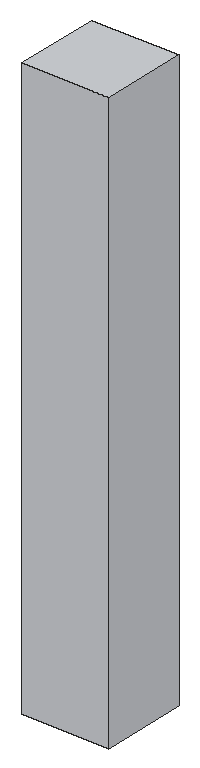
Revit family "Rectangular", category 기둥, Revit 2026
Family settings
  로드될 때 보이드를 사용하여 절단 = 아니오
  자동으로 형상을 벽에 결합합니다 = 예
  공유 = 아니오
  평면도에서 미리 절단된 패밀리 표시 = 예
Parameters (values of type "600 x 600mm")
  키노트 = "G"
  Depth = 600 mm
  Material = none
  Offset Base = 0 mm
  Offset Top = 0 mm
  Width = 600 mm
Types (3, lengths in mm): name | Depth | Width
  450 x 600mm | 450 | 600
  600 x 600mm | 600 | 600
  450 x 450mm | 450 | 450
Reference planes
  plane 1: y = 0
  plane 2: z = 0
  plane 3: x = 0
  plane 4: z = 4000
  plane 5: z = 0
  plane 6: x = -300
  plane 7: x = 300
  plane 8: y = -300
  plane 9: y = 300
Forms (mm)
  Extrusion 1, solid, material <- "Material"
    sketch origin (0, 0, 0) x (1, 0, 0) y (0, 1, 0)
      loop
        line (-300, 300) -> (-300, -300) -> (300, -300) -> (300, 300) -> (-300, 300)
    from 0 to 4000
Dimensions and locks
  "Offset Base": plane 5 to level
  "Offset Top": level to plane 4
  equal spacing: plane 6, plane 3, plane 7
  "Width": plane 6 to plane 7
  equal spacing: plane 8, plane 1, plane 9
  "Depth": plane 8 to plane 9
  aligned and locked: plane 4 to Extrusion 1
  aligned and locked: Extrusion 1 to plane 5
Automatic sketch dimensions
  Extrusion 1 sketch curve to plane 6 = 0 mm
  Extrusion 1 sketch curve to plane 7 = 0 mm
  Extrusion 1 sketch curve to plane 8 = 0 mm
  Extrusion 1 sketch curve to plane 9 = 0 mm
